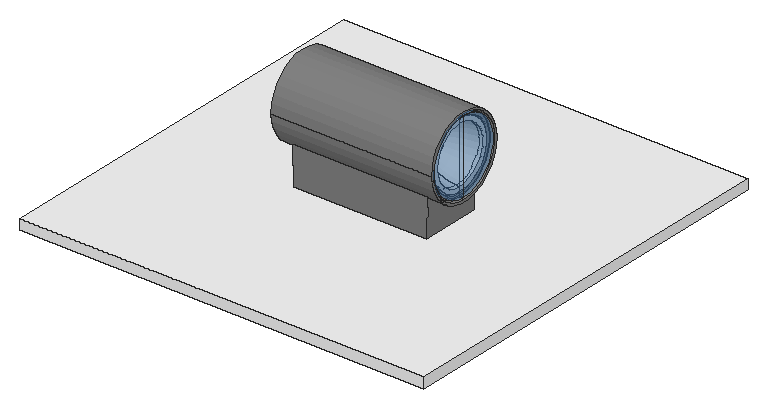
Revit family "BE_24518_de_DE", category Leuchten, Revit 2020
Family settings
  Basisbauteil = Fläche
  Bemaßung runder Anschluss = Durchmesser verwenden
  Teiletyp = Normal
  Beim Laden mit Abzugskörper schneiden = Ja
  Lichtquelle = Ja
  Gemeinsam genutzt = Nein
  Raumberechnungspunkt = Ja
Parameters (values of type "BEGA_24518_Grafit_K3")
  built-in parameter 1150104 = 15.364 (stored number, unit not read)
  Wattage = 7.8 W
  Default Elevation = 0 mm
  built-in parameter 1150113 = 1 (stored number, unit not read)
  built-in parameter 1114218 = 1 (stored number, unit not read)
  Umgebungstemperatur = "25 °C"
  URL = "https://www.bega.com/de/produkt/24518"
  Typenkommentare = "© 2022 BEGA. Wir behalten uns das Recht vor, technische Änderungen ohne vorherige Ankündigung vorzunehmen."  # constant formula
  built-in parameter 1150134 = (empty or 0)
  built-in parameter 1150109 = 1 (stored number, unit not read)
  Strom = ""
  built-in parameter 1150110 = 1 (stored number, unit not read)
  Spannung = 239.996 V
  Sonderanfertigung = no
  Seriennummer [instance] = "Hier können Sie die eindeutige Seriennummer für das Facility Management eintragen."
  Schutzklasse = "I"
  Schutzart = "IP 65"
  Scheinlast = 0 VA
  Produktdatenblatt = "https://cdn.bega.com/bega/products/24518WK3/current/documents/data-sheets/de"
  Oberflächentemperatur = ""
  Neigungswinkel = 0.00°
  Modell = "24518K3"
  Material_38 = BEGA_Oberfläche_Weiss_matt
  Material_17 = BEGA_Reflektor
  Material_15 = BEGA_Leuchtmedium_matt
  Material_10 = BEGA_Glas_matt
  Material_03 = BEGA_Oberfläche_Weiss_matt
  Material_02 = BEGA_Oberfläche_Silber_matt
  Material_01 [instance] = BEGA_Oberfläche_Grafit_matt
  M_W = no
  M_G = yes
  M_A = no
  Logo = 0
  built-in parameter 1114217 = 1 (stored number, unit not read)
  built-in parameter 1150139 = (empty or 0)
  built-in parameter 1150105 = 102.65 (stored number, unit not read)
  built-in parameter 1150114 = 1 (stored number, unit not read)
  Lumens = 1289.96 lm
  built-in parameter 1150115 = 1 (stored number, unit not read)
  Leuchtenlichtstrom = "973 lm"
  Leuchtenanzahl = ""
  Lebensdauerkriterien = "L70B50 @ 25 °C = 200000 h"
  Lastklassifizierung = Beleuchtung
  built-in parameter 1150112 = 1 (stored number, unit not read)
  Lampenlichtstrom = "1290 lm"
  Lampe = "LED 7.8 W"
  LED_Modulbezeichnung = "2x LED-1029/830"
  built-in parameter 1150142 = (empty or 0)
  Hersteller = "BEGA"  # constant formula
  Halbstreuwinkel = ""
  Gewicht = "1.2 kg"
  Gebrauchslageneinschränkung [instance] = ""
  Frequenz = "0/50-60 Hz"
  Farbwiedergabeindex = "CRI > 80"
  Farbtemperaturverschiebung bei Dämpfen der Lampe = <Keine Auswahl>
  Farbtemperatur = "3000 K"
  Color Filter = 16777215
  built-in parameter 1150133 = 10 (stored number, unit not read)
  Energieeffizienzklasse = "LED A++ - A"
  built-in parameter 1150137 = (empty or 0)
  built-in parameter 1150132 = (empty or 0)
  ENEC = "ja"
  Dimmbar [instance] = "on/off"
  Datei für fotometrisches Netz = "BE_24518K3.IES"
  CE_Konformität = "ja"
  Bestellnummer = "24518K3"
  Beschreibung_Sonderanfertigung = "Hier können Sie Informationen zur Sonderanfertigung eintragen."
  Beschreibung = "Wandleuchte"
  built-in parameter 1150106 = 1.0265 (stored number, unit not read)
  Befestigungsbohrung = "Ø 4,5 mm"
  Befestigungsabstand = "38 x 110 mm"
  Ballwurfsicher = ""
  BEGA_Intern_aus = yes
  BEGA_Intern_an = yes
  BEGA_Intern_Konstruktion = yes
  BEGA_Intern = yes
  BEGA_IES = yes
  BEGA_Dummy = no
  Anschlussleitung = ""
  Anschlussleistung [instance] = "9 W"
  Anschlusskasten = ""
  built-in parameter 1150107 = 3000 (stored number, unit not read)
  built-in parameter 1150102 = (empty or 0)
  built-in parameter 1150138 = (empty or 0)
  Aktualisierung = "2022-05-18T04:00:07"
  Abstand_zur_angestrahlten_Fläche [instance] = ""
  AC/DC = "AC/DC"
Types (6, lengths in mm): name | built-in parameter 1150104 | built-in parameter 1150134 | Modell | M_W | M_G | M_A | built-in parameter 1150105 | Lumens | Leuchtenlichtstrom | Lampenlichtstrom | LED_Modulbezeichnung | Farbtemperatur | Datei für fotometrisches Netz | Bestellnummer | built-in parameter 1150106 | built-in parameter 1150107
  BEGA_24518_Silber_K4 | 16.317 (stored number, unit not read) | (empty or 0) | "24518AK4" | no | no | yes | 109.02 (stored number, unit not read) | 1369.99 lm | "1033 lm" | "1370 lm" | "2x LED-1029/840" | "4000 K" | "BE_24518K4.IES" | "24518AK4" | 1.0902 (stored number, unit not read) | 3000 (stored number, unit not read)
  BEGA_24518_Grafit_K3 | 15.364 (stored number, unit not read) | (empty or 0) | "24518K3" | no | yes | no | 102.65 (stored number, unit not read) | 1289.96 lm | "973 lm" | "1290 lm" | "2x LED-1029/830" | "3000 K" | "BE_24518K3.IES" | "24518K3" | 1.0265 (stored number, unit not read) | 3000 (stored number, unit not read)
  BEGA_24518_Weiß_K4 | 16.317 (stored number, unit not read) | 12 | "24518WK4" | yes | no | no | 109.02 (stored number, unit not read) | 1369.99 lm | "1033 lm" | "1370 lm" | "2x LED-1029/840" | "4000 K" | "BE_24518K4.IES" | "24518WK4" | 1.0902 (stored number, unit not read) | 4000 (stored number, unit not read)
  BEGA_24518_Weiß_K3 | 15.364 (stored number, unit not read) | (empty or 0) | "24518WK3" | yes | no | no | 102.65 (stored number, unit not read) | 1289.96 lm | "973 lm" | "1290 lm" | "2x LED-1029/830" | "3000 K" | "BE_24518K3.IES" | "24518WK3" | 1.0265 (stored number, unit not read) | 3000 (stored number, unit not read)
  BEGA_24518_Grafit_K4 | 16.317 (stored number, unit not read) | 12 | "24518K4" | no | yes | no | 109.02 (stored number, unit not read) | 1369.99 lm | "1033 lm" | "1370 lm" | "2x LED-1029/840" | "4000 K" | "BE_24518K4.IES" | "24518K4" | 1.0902 (stored number, unit not read) | 4000 (stored number, unit not read)
  BEGA_24518_Silber_K3 | 15.364 (stored number, unit not read) | (empty or 0) | "24518AK3" | no | no | yes | 102.65 (stored number, unit not read) | 1289.96 lm | "973 lm" | "1290 lm" | "2x LED-1029/830" | "3000 K" | "BE_24518K3.IES" | "24518AK3" | 1.0265 (stored number, unit not read) | 3000 (stored number, unit not read)
Reference planes
  plane 1 "Mitte (Vorne/Hinten)": y = 0
  plane 2: z = 0
  plane 3 "Mitte (Links/Rechts)": x = 0
  plane 4 "Links": x = -79.5
  plane 5 "Rechts": x = 79.5
  plane 6 "Unten": y = -40.076
  plane 7 "Oben": y = 40.06
  plane 8 "Vorne": z = 105.329
Forms (mm)
  Extrusion 1, solid, material "BEGA_Platte_Weiss"
    sketch origin (0, -1119.2, 0) x (1, 0, 0) y (0, 1, 0)
      loop
        line (-200, 1319.2) -> (-200, 919.2) -> (200, 919.2) -> (200, 1319.2) -> (-200, 1319.2)
    from 0 to -10
  Extrusion 2, solid, material "BEGA_Dummy_matt", visible <- "BEGA_Dummy"
    sketch origin (80.095, -76.023, 0) x (1, 0, 0) y (0, 1, 0)
      loop
        line (-159.595, 116.083) -> (-159.595, 35.947) -> (-0.595, 35.947) -> (-0.595, 116.083) -> (-159.595, 116.083)
    from 0 to 105.329
Dimensions and locks
  plane 1 "Mitte (Vorne/Hinten)" to Extrusion 1 = 200 mm
  aligned and locked: Extrusion 1 to plane 2
  aligned and locked: Extrusion 1 to level
Nested families
  nested 1: "BE_24518" at (0, 0, 0), type "BE_24518"
Connectors
  electrical at (0, 0, 0), driven by "Lastklassifizierung", driven by "Spannung", driven by "Scheinlast"
    settings: index 1, voltage 239.996 V, apparent load 0 VA, apparent load phase1 0 VA, apparent load phase2 0 VA, apparent load phase3 0 VA, power factor 1, load classification "Beleuchtung", number of poles 1, system type 31, power factor state 1, is connector primary yes, connector utility no, sub classification motor no, connector description ""
Definition of nested family "BE_24518"
  Parameters (values of type "BE_24518")
    Default Elevation = 1 mm
    URL = "http://www.bega.de/de/produkt"
    Type Comments = "© 2015 BEGA. Wir behalten uns das Recht vor, technische Änderungen ohne vorherige Ankündigung vorzunehmen. "  # constant formula
    Type Image = (empty or 0)
    Material_38 = none
    Material_17 = none
    Material_15 = none
    Material_10 = none
    Material_03 = none
    Material_02 = none
    Material_01 = none
    M_W = yes
    M_G = yes
    M_A = yes
    Länge_Platte = 200 mm  # constant formula
    Höhe_Platte = -10 mm  # constant formula
    Manufacturer = "BEGA"  # constant formula
    Breite_Platte = 200 mm  # constant formula
  Reference planes
    plane 1 "Mitte (Oben/Unten)": y = 0
    plane 2: z = 0
    plane 3 "Mitte (Links/Rechts)": x = 0
    plane 4: y = 40.06
    plane 5: x = 79.5
    plane 6: y = -40.076
    plane 7: x = -79.5
    plane 8: z = 105.329
  Forms (mm)
    Extrusion 1, solid, detail levels medium
      sketch origin (0, 0, 0) x (1, 0, 0) y (0, 1, 0)
        loop
          line (-100, 100) -> (-100, -100) -> (100, -100) -> (100, 100) -> (-100, 100)
      from 0 to -10 <- "Höhe_Platte"
    Extrusion 2, solid, material <- "Material_01", visible <- "M_G"
      sketch origin (0, 0, 0) x (1, 0, 0) y (0, 0, 1)
        loop
          line (66.514, 39.932) -> (-66.514, 39.932) -> (-65.469, 0) -> (65.469, 0) -> (66.514, 39.932)
      from -29.127 to 29.01
    Extrusion 3, solid, material <- "Material_01", visible <- "M_G"
      sketch origin (0, 0, 0) x (0, 1, 0) y (0, 0, 1)
        loop
          circle (0, 65.2) r 40
      from -79.5 to 79.5
    Revolve 4, void
      sketch origin (0, 0, 0) x (1, 0, 0) y (0, 0, 1)
        loop
          line (75.3, 102.053) -> (75.3, 98.782) -> (40.25, 98.171) -> (40.25, 65.2) -> (79.5, 65.2) -> (79.5, 103.582) -> (75.3, 102.053)
        loop
          line (-75.3, 98.782) -> (-75.3, 102.053) -> (-79.5, 103.582) -> (-79.5, 65.2) -> (-40.25, 65.2) -> (-40.25, 98.171) -> (-75.3, 98.782)
        axis (79.5, 65.2) -> (-79.5, 65.2)
      angle from 0 to 360
    Extrusion 5, solid, material <- "Material_15"
      sketch origin (0, 0, 0) x (1, 0, 0) y (0, 0, 1)
        loop
          line (41.95, 67.7) -> (41.95, 62.7) -> (42.75, 62.7) -> (42.75, 67.7) -> (41.95, 67.7)
      from -2.5 to 2.5
    Extrusion 6, solid, material <- "Material_15"
      sketch origin (0, 0, 0) x (-1, 0, 0) y (0, 0, -1)
        loop
          line (41.95, -67.7) -> (42.75, -67.7) -> (42.75, -62.7) -> (41.95, -62.7) -> (41.95, -67.7)
      from -2.5 to 2.5
    Extrusion 7, solid, material <- "Material_03", visible <- "M_W"
      sketch origin (0, 0, 0) x (0, 1, 0) y (0, 0, 1)
        loop
          circle (0, 65.2) r 40
      from -79.5 to 79.5
    Extrusion 8, solid, material <- "Material_03", visible <- "M_W"
      sketch origin (0, 0, 0) x (1, 0, 0) y (0, 0, 1)
        loop
          line (66.514, 39.932) -> (-66.514, 39.932) -> (-65.469, 0) -> (65.469, 0) -> (66.514, 39.932)
      from -29.127 to 29.01
    Extrusion 9, solid, material <- "Material_03", visible <- "M_W"
      sketch origin (0, 0, 0) x (0, 1, 0) y (0, 0, 1)
        loop
          circle (0, 65.2) r 40
      from -79.5 to 79.5
    Extrusion 10, solid, material <- "Material_03", visible <- "M_W"
      sketch origin (0, 0, 0) x (1, 0, 0) y (0, 0, 1)
        loop
          line (66.514, 39.932) -> (-66.514, 39.932) -> (-65.469, 0) -> (65.469, 0) -> (66.514, 39.932)
      from -29.127 to 29.01
    Extrusion 11, solid, material <- "Material_02", visible <- "M_A"
      sketch origin (0, 0, 0) x (0, 1, 0) y (0, 0, 1)
        loop
          circle (0, 65.2) r 40
      from -79.5 to 79.5
    Extrusion 12, solid, material <- "Material_02", visible <- "M_A"
      sketch origin (0, 0, 0) x (1, 0, 0) y (0, 0, 1)
        loop
          line (66.514, 39.932) -> (-66.514, 39.932) -> (-65.469, 0) -> (65.469, 0) -> (66.514, 39.932)
      from -29.127 to 29.01
    Revolve 13, solid, material <- "Material_17"
      sketch origin (0, 0, 0) x (1, 0, 0) y (0, 0, 1)
        loop
          line (75.3, 93.3) -> (75.3, 97.426) -> (70.187, 99.093) -> (74.034, 94.433)
          arc (74.034, 94.433) -> (58.49, 91.726) -> (44.693, 84.071) r 47.45
          line (44.693, 84.071) -> (43.5, 77.305) -> (43.5, 72.2) -> (44.7, 72.221) -> (44.7, 77.2) -> (45.811, 83.502)
          arc (45.811, 83.502) -> (57.993, 90.265) -> (71.634, 93.101) r 46.34
          line (71.634, 93.101) -> (75.3, 93.3)
        axis (75.3, 65.2) -> (43.5, 65.2)
      angle from 0 to 360
    Revolve 14, solid, material <- "Material_10"
      sketch origin (0, 0, 0) x (1, 0, 0) y (0, 0, 1)
        loop
          line (79.51, 101.7) -> (75.4, 101.7) -> (75.4, 65.2) -> (79.51, 65.2) -> (79.51, 101.7)
        axis (79.51, 65.2) -> (75.4, 65.2)
      angle from 0 to 360
    Revolve 15, solid, material <- "Material_10"
      sketch origin (0, 0, 0) x (-1, 0, 0) y (0, 0, 1)
        loop
          line (79.51, 101.7) -> (75.4, 101.7) -> (75.4, 65.2) -> (79.51, 65.2) -> (79.51, 101.7)
        axis (79.51, 65.2) -> (75.4, 65.2)
      angle from 0 to 360
    Extrusion 16, void
      sketch origin (0, 0, 0) x (1, 0, 0) y (0, 1, 0)
        loop
          circle (-55, -20) r 2.25
        loop
          arc (52.75, 16) -> (55, 13.75) -> (57.25, 16) r 2.25
          line (57.25, 16) -> (57.25, 20)
          arc (57.25, 20) -> (55, 22.25) -> (52.75, 20) r 2.25
          line (52.75, 20) -> (52.75, 16)
        loop
          circle (30, -8.5) r 2.5
        loop
          circle (-30, -8.5) r 2.5
      from 0 to 27.187
    Revolve 17, solid, material <- "Material_17"
      sketch origin (0, 0, 0) x (-1, 0, 0) y (0, 0, 1)
        loop
          line (75.3, 93.3) -> (75.3, 97.426) -> (70.187, 99.093) -> (74.034, 94.433)
          arc (74.034, 94.433) -> (58.49, 91.726) -> (44.693, 84.071) r 47.45
          line (44.693, 84.071) -> (43.5, 77.305) -> (43.5, 72.2) -> (44.7, 72.221) -> (44.7, 77.2) -> (45.811, 83.502)
          arc (45.811, 83.502) -> (57.993, 90.265) -> (71.634, 93.101) r 46.34
          line (71.634, 93.101) -> (75.3, 93.3)
        axis (75.3, 65.2) -> (43.5, 65.2)
      angle from 0 to 360
  Cuts and joins
    Revolve 4, Extrusion 16 cuts Extrusion 2
    Revolve 4, Extrusion 16 cuts Extrusion 3
    joined: Extrusion 2, Extrusion 3
    Revolve 4, Extrusion 16 cuts Extrusion 9
    Revolve 4, Extrusion 16 cuts Extrusion 7
    Revolve 4, Extrusion 16 cuts Extrusion 8
    Revolve 4, Extrusion 16 cuts Extrusion 10
    joined: Extrusion 7, Extrusion 8, Extrusion 10
    Revolve 4, Extrusion 16 cuts Extrusion 11
    Revolve 4, Extrusion 16 cuts Extrusion 12
    joined: Extrusion 11, Extrusion 12
    Extrusion 16 cuts Revolve 13
  Dimensions and locks
    equal spacing: Extrusion 1 sketch curve, plane 3 "Mitte (Links/Rechts)", Extrusion 1 sketch curve
    equal spacing: Extrusion 1 sketch curve, plane 1 "Mitte (Oben/Unten)", Extrusion 1 sketch curve
    "Länge_Platte": Extrusion 1 sketch curve to Extrusion 1 sketch curve
    "Breite_Platte": Extrusion 1 sketch curve to Extrusion 1 sketch curve
    aligned and locked: Extrusion 1 to plane 2
    aligned and locked: level to Extrusion 1
  Automatic sketch dimensions
    Extrusion 2 sketch curve to level = 0 mm
    Extrusion 2 sketch curve to plane 7 = 12.986 mm
    Extrusion 2 sketch curve to plane 7 = 14.031 mm
    Extrusion 2 sketch curve to plane 5 = 14.031 mm
    Extrusion 2 sketch curve to plane 5 = 12.986 mm
    level to Extrusion 2 sketch curve = 39.932 mm
    Extrusion 3 sketch curve to plane 1 "Mitte (Oben/Unten)" = 0 mm
    Extrusion 3 sketch curve to plane 8 = 40.129 mm
    plane 7 to Revolve 4 sketch curve = 0 mm  (x2)
    Revolve 4 sketch curve to plane 5 = 0 mm  (x2)
    Revolve 4 sketch curve to plane 7 = 4.2 mm
    Revolve 4 sketch curve to plane 8 = 7.158 mm  (x2)
    Revolve 4 sketch curve to Revolve 4 sketch curve = 35.05 mm
    Revolve 4 sketch curve to plane 5 = 39.25 mm
    Revolve 4 sketch curve to plane 5 = 4.2 mm
    Revolve 4 sketch curve to plane 8 = 40.129 mm  (x2)
    Revolve 4 sketch curve to plane 8 = 6.547 mm  (x2)
    Revolve 4 sketch curve to Revolve 4 sketch curve = 3.27 mm  (x2)
    Revolve 4 sketch curve to plane 8 = 1.747 mm  (x2)
    Revolve 4 sketch curve to Revolve 4 sketch curve = 0 mm
    Extrusion 5 sketch curve to plane 5 = 37.55 mm
    Extrusion 5 sketch curve to Extrusion 5 sketch curve = 0.8 mm
    Extrusion 5 sketch curve to plane 8 = 42.629 mm
    Extrusion 5 sketch curve to Extrusion 5 sketch curve = 5 mm
    plane 7 to Extrusion 6 sketch curve = 37.55 mm
    Extrusion 6 sketch curve to Extrusion 6 sketch curve = 0.8 mm
    plane 8 to Extrusion 6 sketch curve = 42.629 mm
    Extrusion 6 sketch curve to Extrusion 6 sketch curve = 5 mm
    Extrusion 7 sketch curve to plane 1 "Mitte (Oben/Unten)" = 0 mm
    Extrusion 7 sketch curve to plane 8 = 40.129 mm
    Extrusion 8 sketch curve to level = 0 mm
    Extrusion 8 sketch curve to plane 7 = 12.986 mm
    Extrusion 8 sketch curve to plane 7 = 14.031 mm
    Extrusion 8 sketch curve to plane 5 = 14.031 mm
    Extrusion 8 sketch curve to plane 5 = 12.986 mm
    level to Extrusion 8 sketch curve = 39.932 mm
    Extrusion 9 sketch curve to plane 1 "Mitte (Oben/Unten)" = 0 mm
    Extrusion 9 sketch curve to plane 8 = 40.129 mm
    Extrusion 10 sketch curve to level = 0 mm
    Extrusion 10 sketch curve to plane 7 = 12.986 mm
    Extrusion 10 sketch curve to plane 7 = 14.031 mm
    Extrusion 10 sketch curve to plane 5 = 14.031 mm
    Extrusion 10 sketch curve to plane 5 = 12.986 mm
    level to Extrusion 10 sketch curve = 39.932 mm
    Extrusion 11 sketch curve to plane 1 "Mitte (Oben/Unten)" = 0 mm
    Extrusion 11 sketch curve to plane 8 = 40.129 mm
    Extrusion 12 sketch curve to level = 0 mm
    Extrusion 12 sketch curve to plane 7 = 12.986 mm
    Extrusion 12 sketch curve to plane 7 = 14.031 mm
    Extrusion 12 sketch curve to plane 5 = 14.031 mm
    Extrusion 12 sketch curve to plane 5 = 12.986 mm
    level to Extrusion 12 sketch curve = 39.932 mm
    Revolve 13 sketch curve to plane 5 = 36 mm
    Revolve 13 sketch curve to Revolve 13 sketch curve = 1.193 mm
    Revolve 13 sketch curve to Revolve 13 sketch curve = 1.2 mm
    Revolve 13 sketch curve to Revolve 13 sketch curve = 1.118 mm
    Revolve 13 sketch curve to plane 5 = 9.313 mm
    Revolve 13 sketch curve to Revolve 13 sketch curve = 1.447 mm
    Revolve 13 sketch curve to Revolve 13 sketch curve = 2.4 mm
    Revolve 13 sketch curve to plane 5 = 5.36 mm
    Revolve 13 sketch curve to Revolve 13 sketch curve = 0.151 mm
    Revolve 13 sketch curve to Revolve 13 sketch curve = 1.266 mm
    level to Revolve 13 sketch curve = 46.829 mm
    Revolve 13 sketch curve to Revolve 13 sketch curve = 0.155 mm
    Revolve 13 sketch curve to plane 8 = 33.129 mm
    Revolve 13 sketch curve to Revolve 13 sketch curve = 0.021 mm
    Revolve 13 sketch curve to Revolve 13 sketch curve = 4.979 mm
    Revolve 13 sketch curve to Revolve 13 sketch curve = 0.105 mm
    Revolve 13 sketch curve to Revolve 13 sketch curve = 6.302 mm
    Revolve 13 sketch curve to Revolve 13 sketch curve = 0.569 mm
    Revolve 13 sketch curve to Revolve 13 sketch curve = 1.133 mm
    Revolve 13 sketch curve to Revolve 13 sketch curve = 2.992 mm
    Revolve 13 sketch curve to Revolve 13 sketch curve = 1.668 mm
    Revolve 13 sketch curve to plane 7 = 2.2 mm
    Revolve 13 sketch curve to plane 5 = 1.732 mm
    Revolve 13 sketch curve to Revolve 13 sketch curve = 18.216 mm
    Revolve 14 sketch curve to plane 5 = 4.1 mm
    plane 5 to Revolve 14 sketch curve = 0.01 mm
    Revolve 14 sketch curve to plane 8 = 40.129 mm
    Revolve 14 sketch curve to plane 8 = 3.629 mm
    Revolve 14 sketch curve to plane 7 = 2.2 mm
    Revolve 14 sketch curve to plane 5 = 1.732 mm
    Revolve 14 sketch curve to Revolve 14 sketch curve = 0 mm
    plane 7 to Revolve 15 sketch curve = 4.1 mm
    Revolve 15 sketch curve to plane 7 = 0.01 mm
    plane 8 to Revolve 15 sketch curve = 40.129 mm
    plane 8 to Revolve 15 sketch curve = 3.629 mm
    plane 5 to Revolve 15 sketch curve = 2.2 mm
    plane 7 to Revolve 15 sketch curve = 1.732 mm
    Revolve 15 sketch curve to Revolve 15 sketch curve = 0 mm
    Extrusion 16 sketch curve to plane 7 = 24.5 mm
    plane 1 "Mitte (Oben/Unten)" to Extrusion 16 sketch curve = 8.5 mm  (x2)
    Extrusion 16 sketch curve to Extrusion 16 sketch curve = 25 mm
    plane 3 "Mitte (Links/Rechts)" to Extrusion 16 sketch curve = 30 mm
    Extrusion 16 sketch curve to plane 5 = 26.75 mm
    Extrusion 16 sketch curve to Extrusion 16 sketch curve = 2.25 mm
    plane 1 "Mitte (Oben/Unten)" to Extrusion 16 sketch curve = 20 mm
    Extrusion 16 sketch curve to plane 1 "Mitte (Oben/Unten)" = 16 mm
    Extrusion 16 sketch curve to Extrusion 16 sketch curve = 4 mm
    plane 7 to Revolve 17 sketch curve = 36 mm
    Revolve 17 sketch curve to Revolve 17 sketch curve = 1.193 mm
    Revolve 17 sketch curve to Revolve 17 sketch curve = 1.2 mm
    Revolve 17 sketch curve to Revolve 17 sketch curve = 1.118 mm
    plane 7 to Revolve 17 sketch curve = 9.313 mm
    Revolve 17 sketch curve to Revolve 17 sketch curve = 1.447 mm
    Revolve 17 sketch curve to Revolve 17 sketch curve = 2.4 mm
    plane 7 to Revolve 17 sketch curve = 5.36 mm
    Revolve 17 sketch curve to Revolve 17 sketch curve = 0.151 mm
    Revolve 17 sketch curve to Revolve 17 sketch curve = 1.266 mm
    Revolve 17 sketch curve to level = 46.829 mm
    Revolve 17 sketch curve to Revolve 17 sketch curve = 0.155 mm
    plane 8 to Revolve 17 sketch curve = 33.129 mm
    Revolve 17 sketch curve to Revolve 17 sketch curve = 0.021 mm
    Revolve 17 sketch curve to Revolve 17 sketch curve = 4.979 mm
    Revolve 17 sketch curve to Revolve 17 sketch curve = 0.105 mm
    Revolve 17 sketch curve to Revolve 17 sketch curve = 6.302 mm
    Revolve 17 sketch curve to Revolve 17 sketch curve = 0.569 mm
    Revolve 17 sketch curve to Revolve 17 sketch curve = 1.133 mm
    Revolve 17 sketch curve to Revolve 17 sketch curve = 2.992 mm
    Revolve 17 sketch curve to Revolve 17 sketch curve = 1.668 mm
    plane 5 to Revolve 17 sketch curve = 2.2 mm
    plane 7 to Revolve 17 sketch curve = 1.732 mm
    Revolve 17 sketch curve to Revolve 17 sketch curve = 18.216 mm
    radius of Extrusion 3 sketch curve = 40 mm
    radius of Extrusion 7 sketch curve = 40 mm
    radius of Extrusion 9 sketch curve = 40 mm
    radius of Extrusion 11 sketch curve = 40 mm
    radius of Extrusion 16 sketch curve = 2.25 mm
    radius of Extrusion 16 sketch curve = 2.5 mm  (x2)
